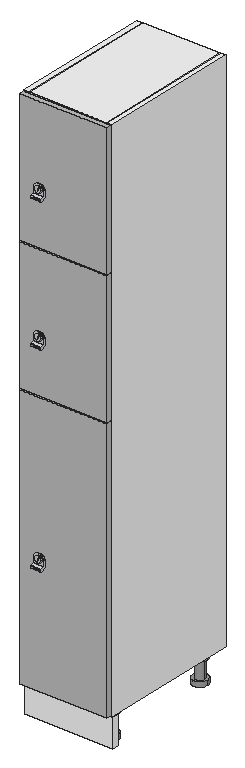
Revit family "1900H Locker 3 Door Combi", category Casework, Revit 2016
Family settings
  OmniClass Number = 23.40.35.00
  OmniClass Title = Casework
  Work Plane-Based = No
  Always vertical = Yes
  Cut with Voids When Loaded = No
  Shared = No
  Room Calculation Point = No
Parameters (values of type "LW319C3ABNP")
  WarrantyGuarantorParts = "www.bisley.com"  # constant formula
  WarrantyGuarantorLabour = "www.bisley.com"  # constant formula
  WarrantyDurationUnit = "Years"  # constant formula
  WarrantyDurationParts = "5"  # constant formula
  WarrantyDurationLabour = "5"  # constant formula
  WarrantyDescription = "5 Years Parts & Labour"  # constant formula
  Uniclass2015Version = "3.1"  # constant formula
  Uniclass2015Title = "Lockers"  # constant formula
  Uniclass2015Code = "Pr_40_30_78_48"  # constant formula
  URL = "www.bisley.com"
  SustainabilityPerformance = "FSC Approved"  # constant formula
  SerialNumber = ""
  NominalWidth = Width  # 300 mm
  NominalLength = Depth  # 500 mm
  NominalHeight = Height  # 1900 mm
  Name = "1900H Combi Door"  # constant formula
  NBSReference = "45-35-80/380"  # constant formula
  NBSDescription = "General fittings, furnishings and equipment system"  # constant formula
  ModelReference = "LW319C3ABNP"
  Model = "Lockerwall"  # constant formula
  Material = "MFC"  # constant formula
  ManufacturerURL = "www.bisley.com"  # constant formula
  Manufacturer = "Bisley"  # constant formula
  ManufactureName = "Bisley"  # constant formula
  M3 Lock = no
  Foot [instance] = Foot 100 : Foot 100
  Finish = "Matt"  # constant formula
  E4 Lock = no
  DurationUnit = "Years"  # constant formula
  Depth = 500 mm
  Height = 1900 mm
  Width = 300 mm
  Carcass Material = "MFC"  # constant formula
  Author = "Bisley"  # constant formula
  AssetType = "Fixed"  # constant formula
  AB Lock = yes
Types (10, lengths in mm): name | NominalWidth | ModelReference | M3 Lock | E4 Lock | Width | AB Lock
  (no name) | 300 | "LW319C3ABNP" | no | no | 300 | yes
  LW319C3ABNP | 300 | "LW319C3ABNP" | no | no | 300 | yes
  LW319C3E4NP | 300 | "LW319C3E4NP" | no | yes | 300 | no
  LW319C3M3NP | 300 | "LW319C3M3NP" | yes | no | 300 | no
  LW419C3ABNP | 400 | "LW419C3ABNP" | no | no | 400 | yes
  LW419C3E4NP | 400 | "LW419C3E4NP" | no | yes | 400 | no
  LW419C3M3NP | 400 | "LW419C3M3NP" | yes | no | 400 | no
  LW519C3ABNP | 500 | "LW519C3ABNP" | no | no | 500 | yes
  LW519C3E4NP | 500 | "LW519C3E4NP" | no | yes | 500 | no
  LW519C3M3NP | 500 | "LW519C3M3NP" | yes | no | 500 | no
Reference planes
  plane 1 "Back": y = 0
  plane 2: z = 0
  plane 3 "Center (Left/Right)": x = 44.7
  plane 4 "Front": y = -500
  plane 5 "Left": x = -105.3
  plane 6 "Right": x = 194.7
  plane 7 "Top": z = 1900
  plane 8 "Base": z = 98
  plane 9 "Base Left": x = -87.3
  plane 10 "Base Right": x = 176.7
  plane 11: y = -482
  plane 12: y = -10.5
  plane 13: y = -29.5
  plane 14 "Back Base": z = 110.5
  plane 15: z = 1887.5
  plane 16: z = 95
  plane 17 "Plinth": y = -477
  plane 18: y = -459
  plane 19: z = 101
  plane 20: z = 997
  plane 21: z = 997
  plane 22: z = 1001
  plane 23: z = 1447
  plane 24: x = -103.3
  plane 25: x = 192.7
  plane 26 "Shelf 2": z = 990
  plane 27 "Shelf 3": z = 1440
  plane 28: z = 1451
  plane 29: z = 1897
Forms (mm)
  Extrusion 1, solid, not visible
    sketch origin (-1691.73, 346.204, -12) x (1, 0, 0) y (0, 0, 1)
      loop
        line (48, 12) -> (56, 12) -> (56, 20) -> (48, 20) -> (48, 12)
    from 0 to 26
  Extrusion 2, solid, not visible
    sketch origin (-1683.73, 346.204, -12) x (-1, 0, 0) y (0, 0, -1)
      loop
        line (48, -12) -> (48, -20) -> (56, -20) -> (56, -12) -> (48, -12)
    from 0 to 26
  Extrusion 3, solid, not visible
    sketch origin (-1687.73, 350.204, -3.997) x (0, 1, 0) y (0, 0, 1)
      loop
        line (-26, 3.997) -> (-26, 11.997) -> (-34, 11.997) -> (-34, 3.997) -> (-26, 3.997)
    from -52 to 52
  Extrusion 4, solid, material "MFC 1"
    sketch origin (0, 0, 0) x (1, 0, 0) y (0, 1, 0)
      loop
        line (-105.3, -482) -> (-87.3, -482) -> (-87.3, 0) -> (-105.3, 0) -> (-105.3, -482)
    from 98 to 1900
  Extrusion 5, solid, material "MFC 1"
    sketch origin (0, 0, 98) x (-1, 0, 0) y (0, -1, 0)
      loop
        line (-176.7, 482) -> (-194.7, 482) -> (-194.7, 0) -> (-176.7, 0) -> (-176.7, 482)
    from 0 to 1802
  Extrusion 6, solid, material "MFC 1"
    sketch origin (0, 0, 98) x (-1, 0, 0) y (0, -1, 0)
      loop
        line (87.3, 482) -> (-176.7, 482) -> (-176.7, 0) -> (87.3, 0) -> (87.3, 482)
    from 0 to 18
  Extrusion 7, void
    sketch origin (176.7, 0, 0) x (0, 1, 0) y (0, 0, 1)
      loop
        line (-29.5, 110.5) -> (-10.5, 110.5) -> (-10.5, 116) -> (-29.5, 116) -> (-29.5, 110.5)
    from 0 to -264
  Extrusion 8, solid, material "MFC 1"
    sketch origin (0, 0, 1540) x (0, -1, 0) y (1, 0, 0)
      loop
        line (482, -87.3) -> (482, 176.7) -> (0, 176.7) -> (0, -87.3) -> (482, -87.3)
    from 360 to 342
  Extrusion 9, void
    sketch origin (176.7, 0, 0) x (0, 1, 0) y (0, 0, 1)
      loop
        line (-29.5, 1884.5) -> (-10.5, 1884.5) -> (-10.5, 1887.5) -> (-29.5, 1887.5) -> (-29.5, 1884.5)
    from 0 to -264
  Extrusion 10, solid, material "MFC 1"
    sketch origin (0, 0, 110.5) x (0, -1, 0) y (1, 0, 0)
      loop
        line (29.5, -87.3) -> (29.5, 176.7) -> (10.5, 176.7) -> (10.5, -87.3) -> (29.5, -87.3)
    from 0 to 1777
  Extrusion 11, solid, material "MFC 1"
    sketch origin (0, 0, 0) x (1, 0, 0) y (0, 1, 0)
      loop
        line (-105.3, -477) -> (194.7, -477) -> (194.7, -459) -> (-105.3, -459) -> (-105.3, -477)
    from 0 to 95
  Extrusion 12, solid, material "MFC 2"
    sketch origin (0, -500, 180) x (1, 0, 0) y (0, 0, 1)
      loop
        line (-103.3, 821) -> (192.7, 821) -> (192.7, 1267) -> (-103.3, 1267) -> (-103.3, 821)
    from 0 to -18
  Extrusion 13, solid, material "MFC 2"
    sketch origin (0, -500, 0) x (1, 0, 0) y (0, 0, 1)
      loop
        line (-103.3, 101) -> (192.7, 101) -> (192.7, 997) -> (-103.3, 997) -> (-103.3, 101)
    from 0 to -18
  Extrusion 14, solid, material "MFC 1"
    sketch origin (0, 0, 990) x (-1, 0, 0) y (0, -1, 0)
      loop
        line (87.3, 482) -> (-176.7, 482) -> (-176.7, 29.5) -> (87.3, 29.5) -> (87.3, 482)
    from 0 to 18
  Extrusion 15, solid, material "MFC 1"
    sketch origin (0, 0, 1440) x (-1, 0, 0) y (0, -1, 0)
      loop
        line (87.3, 482) -> (-176.7, 482) -> (-176.7, 29.5) -> (87.3, 29.5) -> (87.3, 482)
    from 0 to 18
  Extrusion 16, solid, material "MFC 2"
    sketch origin (0, -500, 270) x (1, 0, 0) y (0, 0, 1)
      loop
        line (-103.3, 1181) -> (192.7, 1181) -> (192.7, 1627) -> (-103.3, 1627) -> (-103.3, 1181)
    from 0 to -18
Cuts and joins
  Extrusion 7, Extrusion 9 cuts Extrusion 5
  Extrusion 7 cuts Extrusion 6
  Extrusion 9 cuts Extrusion 4
  Extrusion 9 cuts Extrusion 8
Dimensions and locks
  "Width": plane 6 "Right" to plane 5 "Left"
  equal spacing: plane 6 "Right", plane 3 "Center (Left/Right)", plane 5 "Left"
  "Depth": plane 4 "Front" to plane 1 "Back"
  "Height": level to plane 7 "Top"
  locked: plane 5 "Left" to plane 9 "Base Left" at 18
  locked: plane 10 "Base Right" to plane 6 "Right" at 18
  locked: plane 7 "Top" to plane 15 at 12.5
  Extrusion 10 to plane 1 "Back" = 10.5 mm
  locked: nested 1 to plane 6 "Right" at 68
  locked: nested 2 to plane 6 "Right" at 68
  locked: plane 11 to plane 4 "Front" at 18
  locked: plane 17 "Plinth" to plane 4 "Front" at 23
  locked: plane 18 to plane 4 "Front" at 41
  locked: nested 1 to plane 4 "Front" at 91
  locked: plane 6 "Right" to plane 25 at 2
  locked: plane 24 to plane 5 "Left" at 2
  locked: plane 5 "Left" to nested 4 at 51
  locked: plane 5 "Left" to nested 3 at 51
  locked: plane 5 "Left" to nested 6 at 40.5
  locked: plane 5 "Left" to nested 5 at 40.5
  locked: plane 5 "Left" to nested 8 at 54.3
  locked: plane 5 "Left" to nested 7 at 54.3
  locked: plane 5 "Left" to nested 11 at 40.5
  locked: plane 5 "Left" to nested 9 at 51
  locked: plane 5 "Left" to nested 10 at 54.3
  locked: plane 5 "Left" to nested 13 at 68
  locked: plane 5 "Left" to nested 12 at 25.5
  aligned and locked: level to plane 2
  aligned and locked: Extrusion 4 sketch curve to plane 11
  aligned and locked: Extrusion 4 sketch curve to plane 5 "Left"
  aligned and locked: Extrusion 4 sketch curve to plane 1 "Back"
  aligned and locked: plane 9 "Base Left" to Extrusion 4 sketch curve
  aligned and locked: Extrusion 4 to plane 8 "Base"
  aligned and locked: Extrusion 4 to plane 7 "Top"
  aligned and locked: Extrusion 5 sketch curve to plane 11
  aligned and locked: Extrusion 5 sketch curve to plane 10 "Base Right"
  aligned and locked: Extrusion 5 sketch curve to plane 1 "Back"
  aligned and locked: plane 6 "Right" to Extrusion 5 sketch curve
  aligned and locked: Extrusion 5 to plane 7 "Top"
  aligned and locked: Extrusion 5 to plane 8 "Base"
  aligned and locked: Extrusion 4 to Extrusion 6 sketch curve
  aligned and locked: Extrusion 6 sketch curve to Extrusion 4
  aligned and locked: Extrusion 5 to Extrusion 6 sketch curve
  aligned and locked: Extrusion 6 sketch curve to Extrusion 5
  aligned and locked: plane 6 "Right" to Extrusion 5
  aligned and locked: Extrusion 7 to plane 9 "Base Left"
  aligned and locked: plane 10 "Base Right" to Extrusion 7
  aligned and locked: Extrusion 8 sketch curve to cut or joined group of Extrusion 6, Extrusion 7  (x2)
  aligned and locked: Extrusion 8 sketch curve to Extrusion 4
  aligned and locked: Extrusion 8 sketch curve to cut or joined group of Extrusion 5, Extrusion 7, Extrusion 9
  aligned and locked: plane 15 to Extrusion 9 sketch curve
  aligned and locked: Extrusion 10 sketch curve to cut or joined group of Extrusion 6, Extrusion 7  (x2)
  aligned and locked: cut or joined group of Extrusion 6, Extrusion 7 to Extrusion 10 sketch curve  (x2)
  aligned and locked: Extrusion 10 to plane 14 "Back Base"
  aligned and locked: plane 15 to Extrusion 10
  aligned and locked: Extrusion 9 to plane 9 "Base Left"
  aligned and locked: Extrusion 11 sketch curve to plane 17 "Plinth"
  aligned and locked: Extrusion 11 sketch curve to plane 5 "Left"
  aligned and locked: plane 18 to Extrusion 11 sketch curve
  aligned and locked: plane 6 "Right" to Extrusion 11 sketch curve
  aligned and locked: Extrusion 11 to plane 5 "Left"
  aligned and locked: plane 6 "Right" to Extrusion 11
  aligned and locked: Extrusion 5 to plane 11
  aligned and locked: Extrusion 4 to plane 11
  aligned and locked: Extrusion 12 to plane 24
  aligned and locked: plane 25 to Extrusion 12
  aligned and locked: Extrusion 12 to plane 22
  aligned and locked: plane 23 to Extrusion 12
  aligned and locked: Extrusion 13 sketch curve to plane 19
  aligned and locked: Extrusion 13 sketch curve to plane 24
  aligned and locked: plane 20 to Extrusion 13 sketch curve
  aligned and locked: plane 25 to Extrusion 13 sketch curve
  aligned and locked: Extrusion 14 sketch curve to cut or joined group of Extrusion 6, Extrusion 7  (x2)
  aligned and locked: cut or joined group of Extrusion 6, Extrusion 7 to Extrusion 14 sketch curve
  aligned and locked: nested 2 to Extrusion 14 sketch curve
  aligned and locked: Extrusion 8 to plane 7 "Top"
  aligned and locked: Extrusion 15 sketch curve to cut or joined group of Extrusion 6, Extrusion 7  (x2)
  aligned and locked: cut or joined group of Extrusion 6, Extrusion 7 to Extrusion 15 sketch curve
  aligned and locked: nested 2 to Extrusion 15 sketch curve
  aligned and locked: Extrusion 16 sketch curve to plane 28
  aligned and locked: Extrusion 16 sketch curve to plane 24
  aligned and locked: plane 29 to Extrusion 16 sketch curve
  aligned and locked: plane 25 to Extrusion 16 sketch curve
  aligned and locked: cut or joined group of Extrusion 5, Extrusion 7, Extrusion 9 to Extrusion 8
  aligned and locked: Extrusion 14 to plane 26 "Shelf 2"
Automatic sketch dimensions
  Extrusion 1 sketch curve to Extrusion 1 sketch curve = 8 mm  (x2)
  Extrusion 2 sketch curve to Extrusion 2 sketch curve = 8 mm  (x2)
  Extrusion 3 sketch curve to Extrusion 3 sketch curve = 8 mm  (x2)
  Extrusion 7 sketch curve to plane 13 = 0 mm
  Extrusion 7 sketch curve to plane 12 = 0 mm
  Extrusion 7 sketch curve to plane 14 "Back Base" = 0 mm
  Extrusion 7 sketch curve to Extrusion 7 sketch curve = 5.5 mm
  Extrusion 9 sketch curve to plane 13 = 0 mm
  Extrusion 9 sketch curve to plane 12 = 0 mm
  Extrusion 9 sketch curve to Extrusion 9 sketch curve = 3 mm
  plane 23 to Extrusion 12 sketch curve = 0 mm
  Extrusion 12 sketch curve to plane 24 = 0 mm
  plane 25 to Extrusion 12 sketch curve = 0 mm
  Extrusion 12 sketch curve to plane 22 = 0 mm
Nested families
  nested 1: "Foot 100" at (196.401, -409, 0) x (-1, 0, 0) z (0, 0, 1), type "Foot 100"
  nested 2: "Foot 100" at (196.401, -29.5, 0) x (-1, 0, 0) z (0, 0, 1), type "Foot 100"
  nested 3: "AB Lock" at (-82, -500, 478), visible <- "AB Lock", type "AB Lock"
  nested 4: "AB Lock" at (-82, -500, 1153), visible <- "AB Lock", type "AB Lock"
  nested 5: "M3 Lock" at (-93, -500, 481), visible <- "M3 Lock", type "M3 Lock"
  nested 6: "M3 Lock" at (-93, -500, 1156), visible <- "M3 Lock", type "M3 Lock"
  nested 7: "E4 Lock" at (-83, -500, 490), visible <- "E4 Lock", type "E4 Lock"
  nested 8: "E4 Lock" at (-83, -500, 1165), visible <- "E4 Lock", type "E4 Lock"
  nested 9: "AB Lock" at (-82, -500, 1603), visible <- "AB Lock", type "AB Lock"
  nested 10: "E4 Lock" at (-83, -500, 1615), visible <- "E4 Lock", type "E4 Lock"
  nested 11: "M3 Lock" at (-93, -500, 1606), visible <- "M3 Lock", type "M3 Lock"
  nested 12: "Foot 100" at (-17.599, -409, 0) x (-1, 0, 0) z (0, 0, 1), type "Foot 100"
  nested 13: "Foot 100" at (-17.599, -29.5, 0) x (-1, 0, 0) z (0, 0, 1), type "Foot 100"
Definition of nested family "Foot 100"
  Parameters (values of type "Foot 100")
    WarrantyGuarantorParts = "www.bisley.com"  # constant formula
    WarrantyGuarantorLabour = "www.bisley.com"  # constant formula
    WarrantyDurationUnit = "Years"  # constant formula
    WarrantyDurationParts = "5"  # constant formula
    WarrantyDurationLabour = "5"  # constant formula
    WarrantyDescription = "5 Years Parts & Labour"  # constant formula
    Uniclass2015Version = ""
    Uniclass2015Title = ""
    Uniclass2015Code = ""
    URL = "www.bisley.com"
    SustainabilityPerformance = "FSC Approved"  # constant formula
    SerialNumber = ""
    NominalWidth = Width  # 50 mm
    NominalLength = Depth  # 50 mm
    NominalHeight = Height  # 900 mm
    Name = ""
    NBSReference = ""
    NBSDescription = "General fittings, furnishings and equipment system"  # constant formula
    ModelReference = ""
    Model = "Abode"  # constant formula
    Material = "MFC"  # constant formula
    ManufacturerURL = "www.bisley.com"  # constant formula
    Manufacturer = "Bisley"  # constant formula
    ManufactureName = "Bisley"  # constant formula
    Finish = "Matt"  # constant formula
    ExpectedLife = "25"  # constant formula
    DurationUnit = "Years"  # constant formula
    Depth = 50 mm
    Height = 900 mm
    Width = 50 mm
    Carcass Material = "MFC"  # constant formula
    Author = "Bisley"  # constant formula
    AssetType = "Fixed"  # constant formula
  Reference planes
    plane 1 "Back": y = 0
    plane 2: z = 0
    plane 3 "Center (Left/Right)": x = 44.7
    plane 4 "Front": y = -50
    plane 5 "Left": x = 19.7
    plane 6 "Right": x = 69.7
    plane 7 "Top": z = 900
    plane 8: y = -25
    plane 9 "Foot top": z = 98
    plane 10: y = 0
    plane 11: y = -50
    plane 12: x = 19.7
    plane 13: x = 69.7
    plane 14: x = 24.7
    plane 15: y = -5
  Forms (mm)
    Extrusion 1, solid, not visible
      sketch origin (-1691.73, 346.204, -12) x (1, 0, 0) y (0, 0, 1)
        loop
          line (48, 12) -> (56, 12) -> (56, 20) -> (48, 20) -> (48, 12)
      from 0 to 26
    Extrusion 2, solid, not visible
      sketch origin (-1683.73, 346.204, -12) x (-1, 0, 0) y (0, 0, -1)
        loop
          line (48, -12) -> (48, -20) -> (56, -20) -> (56, -12) -> (48, -12)
      from 0 to 26
    Extrusion 3, solid, not visible
      sketch origin (-1687.73, 350.204, -3.997) x (0, 1, 0) y (0, 0, 1)
        loop
          line (-26, 3.997) -> (-26, 11.997) -> (-34, 11.997) -> (-34, 3.997) -> (-26, 3.997)
      from -52 to 52
    Extrusion 4, solid
      sketch origin (0, 275, 0) x (1, 0, 0) y (0, 1, 0)
        loop
          circle (44.7, -300) r 25
      from 0 to 15
    Extrusion 5, solid
      sketch origin (0, 275, 0) x (1, 0, 0) y (0, 1, 0)
        loop
          circle (44.7, -300) r 15
      from 15 to 78
    Extrusion 6, solid
      sketch origin (0, 275, 0) x (1, 0, 0) y (0, 1, 0)
        loop
          circle (44.7, -300) r 25
      from 78 to 98
    Extrusion 7, solid
      sketch origin (0, 275, 98) x (-1, 0, 0) y (0, -1, 0)
        loop
          line (-19.7, 325) -> (-69.7, 325) -> (-69.7, 275) -> (-19.7, 275) -> (-19.7, 325)
      from 0 to -10
    Extrusion 8, void
      sketch origin (0, 275, 98) x (-1, 0, 0) y (0, -1, 0)
        loop
          circle (-24.7, 280) r 2.5
      from 0 to -10
    Extrusion 9, void
      sketch origin (89.401, 275, 98) x (1, 0, 0) y (0, 1, 0)
        loop
          circle (-24.7, -280) r 2.5
      from 0 to -10
    Extrusion 10, void
      sketch origin (0, -325, 98) x (-1, 0, 0) y (0, -1, 0)
        loop
          circle (-24.7, -280) r 2.5
      from 0 to -10
    Extrusion 11, void
      sketch origin (89.401, -325, 98) x (1, 0, 0) y (0, 1, 0)
        loop
          circle (-24.7, 280) r 2.5
      from 0 to -10
  Cuts and joins
    Extrusion 8, Extrusion 9, Extrusion 10, Extrusion 11 cuts Extrusion 4
    Extrusion 8, Extrusion 9, Extrusion 10, Extrusion 11 cuts Extrusion 5
    Extrusion 8, Extrusion 9, Extrusion 10, Extrusion 11 cuts Extrusion 6
    Extrusion 8, Extrusion 9, Extrusion 10, Extrusion 11 cuts Extrusion 7
    joined: Extrusion 4, Extrusion 5, Extrusion 6, Extrusion 7
  Dimensions and locks
    "Width": plane 6 "Right" to plane 5 "Left"
    equal spacing: plane 6 "Right", plane 3 "Center (Left/Right)", plane 5 "Left"
    "Depth": plane 4 "Front" to plane 1 "Back"
    "Height": level to plane 7 "Top"
    aligned and locked: level to plane 2
    aligned and locked: Extrusion 5 to Extrusion 4
    aligned and locked: Extrusion 4 to level
    aligned and locked: Extrusion 6 to Extrusion 5
    aligned and locked: plane 9 "Foot top" to Extrusion 6
  Automatic sketch dimensions
    Extrusion 1 sketch curve to Extrusion 1 sketch curve = 8 mm  (x2)
    Extrusion 2 sketch curve to Extrusion 2 sketch curve = 8 mm  (x2)
    Extrusion 3 sketch curve to Extrusion 3 sketch curve = 8 mm  (x2)
    Extrusion 4 sketch curve to plane 3 "Center (Left/Right)" = 0 mm
    plane 8 to Extrusion 4 sketch curve = 0 mm
    Extrusion 5 sketch curve to plane 3 "Center (Left/Right)" = 0 mm
    plane 8 to Extrusion 5 sketch curve = 0 mm
    Extrusion 6 sketch curve to plane 3 "Center (Left/Right)" = 0 mm
    plane 8 to Extrusion 6 sketch curve = 0 mm
    Extrusion 7 sketch curve to plane 11 = 0 mm
    Extrusion 7 sketch curve to plane 13 = 0 mm
    plane 10 to Extrusion 7 sketch curve = 0 mm
    Extrusion 7 sketch curve to plane 12 = 0 mm
    Extrusion 8 sketch curve to plane 14 = 0 mm
    Extrusion 8 sketch curve to plane 15 = 0 mm
    plane 15 to Extrusion 9 sketch curve = 0 mm
    plane 13 to Extrusion 9 sketch curve = 5 mm
    Extrusion 10 sketch curve to plane 14 = 0 mm
    Extrusion 10 sketch curve to plane 11 = 5 mm
    Extrusion 11 sketch curve to plane 13 = 5 mm
    plane 11 to Extrusion 11 sketch curve = 5 mm
    radius of Extrusion 4 sketch curve = 25 mm
    radius of Extrusion 5 sketch curve = 15 mm
    radius of Extrusion 6 sketch curve = 25 mm
    radius of Extrusion 8 sketch curve = 2.5 mm
    radius of Extrusion 9 sketch curve = 2.5 mm
    radius of Extrusion 10 sketch curve = 2.5 mm
    radius of Extrusion 11 sketch curve = 2.5 mm
Definition of nested family "AB Lock"
  Parameters (values of type "AB Lock")
    WarrantyGuarantorParts = "www.bisley.com"  # constant formula
    WarrantyGuarantorLabour = "www.bisley.com"  # constant formula
    WarrantyDurationUnit = "Years"  # constant formula
    WarrantyDurationParts = "5"  # constant formula
    WarrantyDurationLabour = "5"  # constant formula
    WarrantyDescription = "5 Years Parts & Labour"  # constant formula
    Uniclass2015Version = ""
    Uniclass2015Title = ""
    Uniclass2015Code = ""
    URL = "www.bisley.com"
    SustainabilityPerformance = "FSC Approved"  # constant formula
    SerialNumber = ""
    NominalWidth = Width  # 34 mm
    NominalLength = Depth  # 15 mm
    NominalHeight = Height  # 45 mm
    Name = ""
    NBSReference = ""
    NBSDescription = "General fittings, furnishings and equipment system"  # constant formula
    ModelReference = ""
    Model = "Abode"  # constant formula
    Material = "MFC"  # constant formula
    ManufacturerURL = "www.bisley.com"  # constant formula
    Manufacturer = "Bisley"  # constant formula
    ManufactureName = "Bisley"  # constant formula
    Finish = "Matt"  # constant formula
    ExpectedLife = "25"  # constant formula
    DurationUnit = "Years"  # constant formula
    Depth = 15 mm
    Height = 45 mm
    Width = 34 mm
    Carcass Material = "MFC"  # constant formula
    Author = "Bisley"  # constant formula
    AssetType = "Fixed"  # constant formula
  Reference planes
    plane 1 "Back": y = 0
    plane 2: z = 0
    plane 3 "Center (Left/Right)": x = 44.7
    plane 4 "Front": y = -15
    plane 5 "Left": x = 27.7
    plane 6 "Right": x = 61.7
    plane 7 "Top": z = 45
    plane 8: z = 28
    plane 9: z = 3
    plane 10: x = 31.2
    plane 11: x = 58.2
    plane 12: z = 6
    plane 13: y = -12
    plane 14: z = 10
    plane 15 "Lockback": y = -3
    plane 16: x = 43.2
    plane 17: x = 46.2
    plane 18: z = 32
    plane 19: z = 24
  Forms (mm)
    Extrusion 1, solid, not visible
      sketch origin (-1691.73, 346.204, -12) x (1, 0, 0) y (0, 0, 1)
        loop
          line (48, 12) -> (56, 12) -> (56, 20) -> (48, 20) -> (48, 12)
      from 0 to 26
    Extrusion 2, solid, not visible
      sketch origin (-1683.73, 346.204, -12) x (-1, 0, 0) y (0, 0, -1)
        loop
          line (48, -12) -> (48, -20) -> (56, -20) -> (56, -12) -> (48, -12)
      from 0 to 26
    Extrusion 3, solid, not visible
      sketch origin (-1687.73, 350.204, -3.997) x (0, 1, 0) y (0, 0, 1)
        loop
          line (-26, 3.997) -> (-26, 11.997) -> (-34, 11.997) -> (-34, 3.997) -> (-26, 3.997)
      from -52 to 52
    Extrusion 4, solid
      sketch origin (0, 0, 0) x (1, 0, 0) y (0, 0, 1)
        loop
          line (27.7, 28) -> (27.7, 6) -> (61.7, 6) -> (61.7, 28)
          arc (61.7, 28) -> (44.7, 45) -> (27.7, 28) r 17
      from 0 to 3
    Extrusion 5, solid
      sketch origin (27.7, 0, 0) x (0, 1, 0) y (0, 0, 1)
        loop
          circle (-12, 3) r 3
      from 0 to 34
    Extrusion 6, solid
      sketch origin (27.7, 0, 0) x (0, 1, 0) y (0, 0, 1)
        loop
          line (0, 6) -> (-3, 10)
          arc (-3, 10) -> (-7.815, 8.71) -> (-12, 6) r 16
          arc (-12, 6) -> (-9.879, 5.121) -> (-9, 3) r 3
          arc (-9, 3) -> (-4.809, 5.427) -> (0, 6) r 12
      from 0 to 34
    Extrusion 7, void
      sketch origin (27.7, 0, 0) x (0, 1, 0) y (0, 0, 1)
        loop
          line (-3, 10) -> (-3, 6) -> (0, 6) -> (-3, 10)
      from 0 to 34
    Extrusion 8, solid
      sketch origin (0, -3, 0) x (-1, 0, 0) y (0, 0, 1)
        loop
          circle (-44.7, 28) r 10.5
      from 0 to -3
    Extrusion 9, void
      sketch origin (0, -3, 0) x (-1, 0, 0) y (0, 0, 1)
        loop
          line (-43.2, 24) -> (-43.2, 32) -> (-46.2, 32) -> (-46.2, 24) -> (-43.2, 24)
      from 0 to -3
  Cuts and joins
    Extrusion 7, Extrusion 9 cuts Extrusion 4
    Extrusion 9 cuts Extrusion 5
    Extrusion 9 cuts Extrusion 6
    joined: Extrusion 4, Extrusion 5, Extrusion 6
    Extrusion 9 cuts Extrusion 8
  Lines and regions (mm)
    reference lines
      curve 1: arc (27.7, 0, 6) -> (27.7, -4.809, 5.427) -> (27.7, -9, 3) r 12
      curve 2: arc (27.7, -3, 10) -> (27.7, -7.815, 8.71) -> (27.7, -12, 6) r 16
  Dimensions and locks
    "Width": plane 6 "Right" to plane 5 "Left"
    equal spacing: plane 6 "Right", plane 3 "Center (Left/Right)", plane 5 "Left"
    "Depth": plane 4 "Front" to plane 1 "Back"
    "Height": level to plane 7 "Top"
    aligned and locked: level to plane 2
  Automatic sketch dimensions
    Extrusion 1 sketch curve to Extrusion 1 sketch curve = 8 mm  (x2)
    Extrusion 2 sketch curve to Extrusion 2 sketch curve = 8 mm  (x2)
    Extrusion 3 sketch curve to Extrusion 3 sketch curve = 8 mm  (x2)
    Extrusion 4 sketch curve to plane 5 "Left" = 0 mm
    Extrusion 4 sketch curve to plane 6 "Right" = 0 mm
    Extrusion 4 sketch curve to plane 12 = 0 mm
    Extrusion 4 sketch curve to plane 8 = 0 mm
    Extrusion 5 sketch curve to plane 9 = 0 mm
    Extrusion 5 sketch curve to plane 13 = 0 mm
    curve 2 to plane 12 = 0 mm
    curve 2 to plane 13 = 0 mm
    curve 1 to plane 9 = 0 mm
    plane 14 to curve 2 = 0 mm
    curve 1 to plane 1 "Back" = 0 mm
    curve 1 to plane 12 = 0 mm
    plane 1 "Back" to curve 2 = 1.317 mm
    curve 2 to curve 1 = 0.303 mm
    curve 2 to level = 5.911 mm
    curve 1 to curve 2 = 0.046 mm
    Extrusion 6 sketch curve to plane 12 = 0 mm  (x2)
    Extrusion 6 sketch curve to plane 13 = 0 mm
    Extrusion 6 sketch curve to plane 9 = 0 mm
    plane 14 to Extrusion 6 sketch curve = 0 mm
    Extrusion 6 sketch curve to plane 1 "Back" = 0 mm
    plane 1 "Back" to Extrusion 6 sketch curve = 3 mm
    plane 1 "Back" to Extrusion 6 sketch curve = 1.317 mm
    Extrusion 6 sketch curve to Extrusion 6 sketch curve = 0.303 mm
    Extrusion 7 sketch curve to plane 12 = 0 mm
    plane 14 to Extrusion 7 sketch curve = 0 mm
    Extrusion 7 sketch curve to plane 1 "Back" = 0 mm
    plane 1 "Back" to Extrusion 7 sketch curve = 3 mm
    Extrusion 8 sketch curve to plane 3 "Center (Left/Right)" = 0 mm
    Extrusion 8 sketch curve to plane 8 = 0 mm
    Extrusion 9 sketch curve to plane 17 = 0 mm
    Extrusion 9 sketch curve to plane 16 = 0 mm
    Extrusion 9 sketch curve to plane 19 = 0 mm
    Extrusion 9 sketch curve to plane 18 = 0 mm
    radius of Extrusion 5 sketch curve = 3 mm
    radius of Extrusion 8 sketch curve = 10.5 mm
Definition of nested family "M3 Lock"
  Parameters (values of type "M3 Lock")
    WarrantyGuarantorParts = "www.bisley.com"  # constant formula
    WarrantyGuarantorLabour = "www.bisley.com"  # constant formula
    WarrantyDurationUnit = "Years"  # constant formula
    WarrantyDurationParts = "5"  # constant formula
    WarrantyDurationLabour = "5"  # constant formula
    WarrantyDescription = "5 Years Parts & Labour"  # constant formula
    Uniclass2015Version = ""
    Uniclass2015Title = ""
    Uniclass2015Code = ""
    URL = "www.bisley.com"
    SustainabilityPerformance = "FSC Approved"  # constant formula
    SerialNumber = ""
    NominalWidth = Width  # 33 mm
    NominalLength = Depth  # 21.5 mm
    NominalHeight = Height  # 83.5 mm
    Name = ""
    NBSReference = ""
    NBSDescription = "General fittings, furnishings and equipment system"  # constant formula
    ModelReference = ""
    Model = "Abode"  # constant formula
    Material = "MFC"  # constant formula
    ManufacturerURL = "www.bisley.com"  # constant formula
    Manufacturer = "Bisley"  # constant formula
    ManufactureName = "Bisley"  # constant formula
    Finish = "Matt"  # constant formula
    ExpectedLife = "25"  # constant formula
    DurationUnit = "Years"  # constant formula
    Depth = 21.5 mm
    Height = 83.5 mm
    Width = 33 mm
    Carcass Material = "MFC"  # constant formula
    Author = "Bisley"  # constant formula
    AssetType = "Fixed"  # constant formula
  Reference planes
    plane 1 "Back": y = 0
    plane 2: z = 0
    plane 3 "Center (Left/Right)": x = 44.7
    plane 4 "Front": y = -21.5
    plane 5 "Left": x = 28.2
    plane 6 "Right": x = 61.2
    plane 7 "Top": z = 83.5
    plane 8 "BackFront": y = -3.045
    plane 9: x = 32.2
    plane 10: z = 79.5
    plane 11: x = 57.2
    plane 12: z = 4
    plane 13: x = 32.2
    plane 14: x = 57.2
    plane 15 "Barrel Base": z = 30.5
    plane 16: x = 40.5
    plane 17: x = 48.9
    plane 18: y = -4.445
    plane 19: z = 74.5
    plane 20 "L4": z = 69.8
    plane 21: z = 64.9
    plane 22 "L3": z = 60.2
    plane 23: z = 55.3
    plane 24 "L2": z = 50.6
    plane 25: z = 45.7
    plane 26 "L1": z = 41
    plane 27: x = 38.2
    plane 28: x = 51.2
    plane 29: y = -4.945
    plane 30: z = 40.5
    plane 31 "l-1": z = 38.5
    plane 32: z = 16
    plane 33: y = -9.045
    plane 34 "Thumbturn": y = -19.5
    plane 35: x = 43.2
    plane 36: x = 46.2
    plane 37: z = 20
    plane 38: z = 12
  Forms (mm)
    Extrusion 1, solid, not visible
      sketch origin (-1691.73, 346.204, -12) x (1, 0, 0) y (0, 0, 1)
        loop
          line (48, 12) -> (56, 12) -> (56, 20) -> (48, 20) -> (48, 12)
      from 0 to 26
    Extrusion 2, solid, not visible
      sketch origin (-1683.73, 346.204, -12) x (-1, 0, 0) y (0, 0, -1)
        loop
          line (48, -12) -> (48, -20) -> (56, -20) -> (56, -12) -> (48, -12)
      from 0 to 26
    Extrusion 3, solid, not visible
      sketch origin (-1687.73, 350.204, -3.997) x (0, 1, 0) y (0, 0, 1)
        loop
          line (-26, 3.997) -> (-26, 11.997) -> (-34, 11.997) -> (-34, 3.997) -> (-26, 3.997)
      from -52 to 52
    Extrusion 4, solid
      sketch origin (0, 0, 0) x (1, 0, 0) y (0, 0, 1)
        loop
          line (28.2, 0) -> (61.2, 0) -> (61.2, 83.5) -> (28.2, 83.5) -> (28.2, 0)
      from 0 to 3
    Extrusion 5, void
      sketch origin (0, 0, 0) x (1, 0, 0) y (0, 0, 1)
        loop
          arc (28.2, 79.5) -> (29.372, 82.328) -> (32.2, 83.5) r 4
          line (32.2, 83.5) -> (28.2, 83.5) -> (28.2, 79.5)
      from 0 to 3
    Extrusion 6, void
      sketch origin (0, 0, 0) x (1, 0, 0) y (0, 0, 1)
        loop
          arc (57.2, 83.5) -> (60.029, 82.328) -> (61.2, 79.5) r 4
          line (61.2, 79.5) -> (61.2, 83.5) -> (57.2, 83.5)
      from 0 to 3
    Extrusion 7, void
      sketch origin (0, 0, 0) x (1, 0, 0) y (0, 0, 1)
        loop
          arc (32.2, 0) -> (29.372, 1.172) -> (28.2, 4) r 4
          line (28.2, 4) -> (28.2, 0) -> (32.2, 0)
      from 0 to 3
    Extrusion 8, void
      sketch origin (0, 0, 0) x (1, 0, 0) y (0, 0, 1)
        loop
          line (57.2, 0) -> (61.2, 0) -> (61.2, 4)
          arc (61.2, 4) -> (60.029, 1.172) -> (57.2, 0) r 4
      from 0 to 3
    Extrusion 9, solid
      sketch origin (0, 0, 30.5) x (-1, 0, 0) y (0, -1, 0)
        loop
          arc (-40.5, 3) -> (-44.7, 4.445) -> (-48.9, 3) r 6.827
          line (-48.9, 3) -> (-40.5, 3)
      from 0 to 49
    Extrusion 10, solid
      sketch origin (0, 0, 41) x (-1, 0, 0) y (0, -1, 0)
        loop
          arc (-38.2, 3) -> (-44.7, 4.945) -> (-51.2, 3) r 11.835
          line (-51.2, 3) -> (-38.2, 3)
      from 0 to 4.7
    Extrusion 11, solid
      sketch origin (0, 0, 50.6) x (-1, 0, 0) y (0, -1, 0)
        loop
          arc (-38.2, 3) -> (-44.7, 4.945) -> (-51.2, 3) r 11.835
          line (-51.2, 3) -> (-38.2, 3)
      from 0 to 4.7
    Extrusion 12, solid
      sketch origin (0, 0, 60.2) x (-1, 0, 0) y (0, -1, 0)
        loop
          arc (-38.2, 3) -> (-44.7, 4.945) -> (-51.2, 3) r 11.835
          line (-51.2, 3) -> (-38.2, 3)
      from 0 to 4.7
    Extrusion 13, solid
      sketch origin (0, 0, 69.8) x (-1, 0, 0) y (0, -1, 0)
        loop
          arc (-38.2, 3) -> (-44.7, 4.945) -> (-51.2, 3) r 11.835
          line (-51.2, 3) -> (-38.2, 3)
      from 0 to 4.7
    Extrusion 14, solid
      sketch origin (0, 0, 38.5) x (-1, 0, 0) y (0, -1, 0)
        loop
          arc (-38.2, 3) -> (-44.7, 4.945) -> (-51.2, 3) r 11.835
          line (-51.2, 3) -> (-38.2, 3)
      from 0 to 2
    Extrusion 15, solid
      sketch origin (0, -3.045, 0) x (-1, 0, 0) y (0, 0, 1)
        loop
          circle (-44.7, 16) r 14.25
      from 0 to -4
    Extrusion 16, solid
      sketch origin (0, -3.045, 0) x (-1, 0, 0) y (0, 0, 1)
        loop
          circle (-44.7, 16) r 12.7
      from 0 to -18.455
    Extrusion 17, void
      sketch origin (0, -21.5, 0) x (1, 0, 0) y (0, 0, 1)
        loop
          circle (44.7, 16) r 7.362
      from 0 to -1
    Extrusion 18, solid
      sketch origin (0, -21.5, 0) x (1, 0, 0) y (0, 0, 1)
        loop
          line (40.5, 29.617) -> (40.5, 27.985)
          arc (40.5, 27.985) -> (44.7, 28.7) -> (48.9, 27.985) r 12.7
          line (48.9, 27.985) -> (48.9, 29.617)
          arc (48.9, 29.617) -> (44.7, 30.25) -> (40.5, 29.617) r 14.25
      from 0 to -14.5
    Extrusion 19, solid
      sketch origin (0, -20.483, 0) x (1, 0, 0) y (0, 0, 1)
        loop
          circle (44.7, 16) r 13.48
      from 0 to -1.5
    Extrusion 20, void
      sketch origin (0, -21.5, 0) x (1, 0, 0) y (0, 0, 1)
        loop
          line (43.2, 12) -> (46.2, 12) -> (46.2, 20) -> (43.2, 20) -> (43.2, 12)
      from 0 to -10.5
  Cuts and joins
    Extrusion 5, Extrusion 6, Extrusion 7, Extrusion 8, Extrusion 17, Extrusion 20 cuts Extrusion 4
    Extrusion 17, Extrusion 20 cuts Extrusion 9
    Extrusion 17, Extrusion 20 cuts Extrusion 10
    Extrusion 17, Extrusion 20 cuts Extrusion 11
    Extrusion 17, Extrusion 20 cuts Extrusion 12
    Extrusion 17, Extrusion 20 cuts Extrusion 13
    Extrusion 17, Extrusion 20 cuts Extrusion 14
    Extrusion 17, Extrusion 20 cuts Extrusion 15
    Extrusion 17, Extrusion 20 cuts Extrusion 16
    Extrusion 20 cuts Extrusion 18
    Extrusion 20 cuts Extrusion 19
    joined: Extrusion 4, Extrusion 9, Extrusion 10, Extrusion 11, Extrusion 12, Extrusion 13, Extrusion 14, Extrusion 15, Extrusion 16, Extrusion 18, Extrusion 19
  Dimensions and locks
    "Width": plane 6 "Right" to plane 5 "Left"
    equal spacing: plane 6 "Right", plane 3 "Center (Left/Right)", plane 5 "Left"
    "Depth": plane 4 "Front" to plane 1 "Back"
    "Height": level to plane 7 "Top"
    aligned and locked: level to plane 2
    aligned and locked: plane 10 to Extrusion 9
    aligned and locked: Extrusion 9 to plane 15 "Barrel Base"
    aligned and locked: Extrusion 4 to plane 7 "Top"
    aligned and locked: plane 6 "Right" to Extrusion 4
    aligned and locked: Extrusion 4 to plane 5 "Left"
    aligned and locked: Extrusion 4 to level
  Automatic sketch dimensions
    Extrusion 1 sketch curve to Extrusion 1 sketch curve = 8 mm  (x2)
    Extrusion 2 sketch curve to Extrusion 2 sketch curve = 8 mm  (x2)
    Extrusion 3 sketch curve to Extrusion 3 sketch curve = 8 mm  (x2)
    Extrusion 4 sketch curve to plane 5 "Left" = 0 mm
    Extrusion 4 sketch curve to plane 6 "Right" = 0 mm
    Extrusion 4 sketch curve to level = 0 mm
    Extrusion 4 sketch curve to plane 7 "Top" = 0 mm
    Extrusion 5 sketch curve to plane 7 "Top" = 0 mm
    Extrusion 5 sketch curve to plane 9 = 0 mm
    Extrusion 5 sketch curve to plane 10 = 0 mm
    Extrusion 6 sketch curve to plane 7 "Top" = 0 mm  (x2)
    Extrusion 6 sketch curve to plane 11 = 0 mm
    Extrusion 6 sketch curve to plane 6 "Right" = 0 mm
    Extrusion 6 sketch curve to plane 10 = 0 mm
    Extrusion 7 sketch curve to level = 0 mm
    Extrusion 7 sketch curve to plane 5 "Left" = 0 mm
    plane 9 to Extrusion 7 sketch curve = 0 mm  (x2)
    Extrusion 7 sketch curve to plane 12 = 0 mm
    Extrusion 8 sketch curve to level = 0 mm
    plane 11 to Extrusion 8 sketch curve = 0 mm
    Extrusion 8 sketch curve to plane 12 = 0 mm
    Extrusion 9 sketch curve to plane 17 = 0 mm
    Extrusion 9 sketch curve to plane 16 = 0 mm
    Extrusion 9 sketch curve to plane 1 "Back" = 2.382 mm
    plane 8 "BackFront" to Extrusion 9 sketch curve = 0.045 mm
    Extrusion 10 sketch curve to plane 28 = 0 mm
    Extrusion 10 sketch curve to plane 27 = 0 mm
    Extrusion 10 sketch curve to plane 1 "Back" = 6.89 mm
    plane 8 "BackFront" to Extrusion 10 sketch curve = 0.045 mm
    Extrusion 11 sketch curve to plane 28 = 0 mm
    Extrusion 11 sketch curve to plane 27 = 0 mm
    Extrusion 11 sketch curve to plane 1 "Back" = 6.89 mm
    plane 8 "BackFront" to Extrusion 11 sketch curve = 0.045 mm
    Extrusion 12 sketch curve to plane 28 = 0 mm
    Extrusion 12 sketch curve to plane 27 = 0 mm
    Extrusion 12 sketch curve to plane 1 "Back" = 6.89 mm
    plane 8 "BackFront" to Extrusion 12 sketch curve = 0.045 mm
    Extrusion 13 sketch curve to plane 28 = 0 mm
    Extrusion 13 sketch curve to plane 27 = 0 mm
    Extrusion 13 sketch curve to plane 1 "Back" = 6.89 mm
    plane 8 "BackFront" to Extrusion 13 sketch curve = 0.045 mm
    Extrusion 14 sketch curve to plane 28 = 0 mm
    Extrusion 14 sketch curve to plane 27 = 0 mm
    Extrusion 14 sketch curve to plane 1 "Back" = 6.89 mm
    plane 8 "BackFront" to Extrusion 14 sketch curve = 0.045 mm
    Extrusion 15 sketch curve to plane 3 "Center (Left/Right)" = 0 mm
    Extrusion 15 sketch curve to plane 32 = 0 mm
    Extrusion 16 sketch curve to plane 3 "Center (Left/Right)" = 0 mm
    Extrusion 16 sketch curve to plane 32 = 0 mm
    Extrusion 17 sketch curve to plane 3 "Center (Left/Right)" = 0 mm
    Extrusion 17 sketch curve to plane 32 = 0 mm
    Extrusion 18 sketch curve to Extrusion 18 sketch curve = 0 mm  (x2)
    Extrusion 18 sketch curve to plane 16 = 0 mm
    Extrusion 18 sketch curve to plane 3 "Center (Left/Right)" = 0 mm
    Extrusion 18 sketch curve to plane 17 = 0 mm
    Extrusion 18 sketch curve to plane 32 = 0 mm
    Extrusion 18 sketch curve to plane 15 "Barrel Base" = 2.515 mm
    Extrusion 18 sketch curve to plane 15 "Barrel Base" = 0.883 mm
    Extrusion 19 sketch curve to plane 3 "Center (Left/Right)" = 0 mm
    Extrusion 19 sketch curve to plane 32 = 0 mm
    Extrusion 20 sketch curve to plane 35 = 0 mm
    Extrusion 20 sketch curve to plane 36 = 0 mm
    Extrusion 20 sketch curve to plane 38 = 0 mm
    Extrusion 20 sketch curve to plane 37 = 0 mm
    radius of Extrusion 15 sketch curve = 14.25 mm
    radius of Extrusion 16 sketch curve = 12.7 mm
    radius of Extrusion 17 sketch curve = 7.362 mm
    radius of Extrusion 19 sketch curve = 13.48 mm
Definition of nested family "E4 Lock"
  Parameters (values of type "E4 Lock")
    WarrantyGuarantorParts = "www.bisley.com"  # constant formula
    WarrantyGuarantorLabour = "www.bisley.com"  # constant formula
    WarrantyDurationUnit = "Years"  # constant formula
    WarrantyDurationParts = "5"  # constant formula
    WarrantyDurationLabour = "5"  # constant formula
    WarrantyDescription = "5 Years Parts & Labour"  # constant formula
    Uniclass2015Version = ""
    Uniclass2015Title = ""
    Uniclass2015Code = ""
    URL = "www.bisley.com"
    SustainabilityPerformance = "FSC Approved"  # constant formula
    SerialNumber = ""
    NominalWidth = Width  # 25.4 mm
    NominalLength = Depth  # 20.4 mm
    NominalHeight = Height  # 101 mm
    Name = ""
    NBSReference = ""
    NBSDescription = "General fittings, furnishings and equipment system"  # constant formula
    ModelReference = ""
    Model = "Abode"  # constant formula
    Material = "MFC"  # constant formula
    ManufacturerURL = "www.bisley.com"  # constant formula
    Manufacturer = "Bisley"  # constant formula
    ManufactureName = "Bisley"  # constant formula
    Finish = "Matt"  # constant formula
    ExpectedLife = "25"  # constant formula
    DurationUnit = "Years"  # constant formula
    Depth = 20.4 mm
    Height = 101 mm
    Width = 25.4 mm
    Carcass Material = "MFC"  # constant formula
    Author = "Bisley"  # constant formula
    AssetType = "Fixed"  # constant formula
  Reference planes
    plane 1 "Back": y = 0
    plane 2: z = 0
    plane 3 "Center (Left/Right)": x = 44.7
    plane 4 "Front": y = -20.4
    plane 5 "Left": x = 32
    plane 6 "Right": x = 57.4
    plane 7 "Top": z = 101
    plane 8 "Back Front": y = -13.4
    plane 9: x = 35
    plane 10: x = 54.4
    plane 11: x = 35
    plane 12: x = 54.4
    plane 13: z = 3
    plane 14: z = 98
    plane 15 "Numbers": y = -14.4
    plane 16: z = 94
    plane 17: z = 87
    plane 18: z = 84.5
    plane 19: z = 77.5
    plane 20: z = 75
    plane 21: z = 68
    plane 22: z = 65.5
    plane 23: z = 58.5
    plane 24: z = 56
    plane 25: z = 49
    plane 26: z = 46.5
    plane 27: z = 39.5
    plane 28: z = 37
    plane 29: z = 32
    plane 30: z = 5.5
    plane 31: z = 25
    plane 32: z = 23
    plane 33: x = 36
    plane 34: x = 53.4
    plane 35: x = 44.5
    plane 36: x = 44.9
    plane 37: x = 37.98
    plane 38: x = 51.4
    plane 39: z = 35.539
    plane 40: z = 33.5
    plane 41: z = 28.5
    plane 42: x = 41.287
    plane 43: x = 48.1
    plane 44: x = 39.98
    plane 45: x = 49.4
    plane 46: z = 21
    plane 47: z = 7.5
    plane 48: z = 14.25
  Forms (mm)
    Extrusion 1, solid, not visible
      sketch origin (-1691.73, 346.204, -12) x (1, 0, 0) y (0, 0, 1)
        loop
          line (48, 12) -> (56, 12) -> (56, 20) -> (48, 20) -> (48, 12)
      from 0 to 26
    Extrusion 2, solid, not visible
      sketch origin (-1683.73, 346.204, -12) x (-1, 0, 0) y (0, 0, -1)
        loop
          line (48, -12) -> (48, -20) -> (56, -20) -> (56, -12) -> (48, -12)
      from 0 to 26
    Extrusion 3, solid, not visible
      sketch origin (-1687.73, 350.204, -3.997) x (0, 1, 0) y (0, 0, 1)
        loop
          line (-26, 3.997) -> (-26, 11.997) -> (-34, 11.997) -> (-34, 3.997) -> (-26, 3.997)
      from -52 to 52
    Extrusion 4, solid
      sketch origin (0, 0, 0) x (1, 0, 0) y (0, 0, 1)
        loop
          line (32, 0) -> (57.4, 0) -> (57.4, 101) -> (32, 101) -> (32, 0)
      from 0 to 13.4
    Extrusion 5, void
      sketch origin (0, 0, 0) x (1, 0, 0) y (0, 0, 1)
        loop
          arc (32, 98) -> (32.879, 100.121) -> (35, 101) r 3
          line (35, 101) -> (32, 101) -> (32, 98)
      from 0 to 13.4
    Extrusion 6, void
      sketch origin (0, 0, 0) x (1, 0, 0) y (0, 0, 1)
        loop
          line (57.4, 98) -> (57.4, 101) -> (54.4, 101)
          arc (54.4, 101) -> (56.522, 100.121) -> (57.4, 98) r 3
      from 0 to 13.4
    Extrusion 7, void
      sketch origin (0, 0, 0) x (1, 0, 0) y (0, 0, 1)
        loop
          line (32, 3) -> (32, 0) -> (35, 0)
          arc (35, 0) -> (32.879, 0.879) -> (32, 3) r 3
      from 0 to 13.4
    Extrusion 8, void
      sketch origin (0, 0, 0) x (1, 0, 0) y (0, 0, 1)
        loop
          line (54.4, 0) -> (57.4, 0) -> (57.4, 3)
          arc (57.4, 3) -> (56.522, 0.879) -> (54.4, 0) r 3
      from 0 to 13.4
    Extrusion 9, solid
      sketch origin (0, -13.4, 0) x (-1, 0, 0) y (0, 0, 1)
        loop
          line (-36, 87) -> (-36, 94) -> (-44.5, 94) -> (-44.5, 87) -> (-36, 87)
      from 0 to -1
    Extrusion 10, solid
      sketch origin (0, -13.4, 0) x (-1, 0, 0) y (0, 0, 1)
        loop
          line (-44.9, 87) -> (-44.9, 94) -> (-53.4, 94) -> (-53.4, 87) -> (-44.9, 87)
      from 0 to -1
    Extrusion 11, solid
      sketch origin (0, -13.4, -9.5) x (-1, 0, 0) y (0, 0, 1)
        loop
          line (-36, 87) -> (-36, 94) -> (-44.5, 94) -> (-44.5, 87) -> (-36, 87)
      from 0 to -1
    Extrusion 12, solid
      sketch origin (0, -13.4, -9.5) x (-1, 0, 0) y (0, 0, 1)
        loop
          line (-44.9, 87) -> (-44.9, 94) -> (-53.4, 94) -> (-53.4, 87) -> (-44.9, 87)
      from 0 to -1
    Extrusion 13, solid
      sketch origin (0, -13.4, -19) x (-1, 0, 0) y (0, 0, 1)
        loop
          line (-36, 87) -> (-36, 94) -> (-44.5, 94) -> (-44.5, 87) -> (-36, 87)
      from 0 to -1
    Extrusion 14, solid
      sketch origin (0, -13.4, -19) x (-1, 0, 0) y (0, 0, 1)
        loop
          line (-44.9, 87) -> (-44.9, 94) -> (-53.4, 94) -> (-53.4, 87) -> (-44.9, 87)
      from 0 to -1
    Extrusion 15, solid
      sketch origin (0, -13.4, -28.5) x (-1, 0, 0) y (0, 0, 1)
        loop
          line (-36, 87) -> (-36, 94) -> (-44.5, 94) -> (-44.5, 87) -> (-36, 87)
      from 0 to -1
    Extrusion 16, solid
      sketch origin (0, -13.4, -28.5) x (-1, 0, 0) y (0, 0, 1)
        loop
          line (-44.9, 87) -> (-44.9, 94) -> (-53.4, 94) -> (-53.4, 87) -> (-44.9, 87)
      from 0 to -1
    Extrusion 17, solid
      sketch origin (0, -13.4, -38) x (-1, 0, 0) y (0, 0, 1)
        loop
          line (-36, 87) -> (-36, 94) -> (-44.5, 94) -> (-44.5, 87) -> (-36, 87)
      from 0 to -1
    Extrusion 18, solid
      sketch origin (0, -13.4, -38) x (-1, 0, 0) y (0, 0, 1)
        loop
          line (-44.9, 87) -> (-44.9, 94) -> (-53.4, 94) -> (-53.4, 87) -> (-44.9, 87)
      from 0 to -1
    Extrusion 19, solid
      sketch origin (0, -13.4, -47.5) x (-1, 0, 0) y (0, 0, 1)
        loop
          line (-36, 87) -> (-36, 94) -> (-44.5, 94) -> (-44.5, 87) -> (-36, 87)
      from 0 to -1
    Extrusion 20, solid
      sketch origin (0, -13.4, -47.5) x (-1, 0, 0) y (0, 0, 1)
        loop
          line (-44.9, 87) -> (-44.9, 94) -> (-53.4, 94) -> (-53.4, 87) -> (-44.9, 87)
      from 0 to -1
    Extrusion 21, solid
      sketch origin (0, -14.4, 0) x (-1, 0, 0) y (0, 0, 1)
        loop
          line (-37.98, 33.5) -> (-37.98, 35.539) -> (-51.4, 35.539) -> (-51.4, 33.5) -> (-37.98, 33.5)
      from 0 to 1
    Extrusion 22, solid
      sketch origin (0, -14.4, 0) x (-1, 0, 0) y (0, 0, 1)
        loop
          line (-37.98, 25) -> (-37.98, 32) -> (-51.4, 32) -> (-51.4, 25) -> (-37.98, 25)
      from 0 to 1
    Extrusion 23, void
      sketch origin (0, -14.4, 0) x (-1, 0, 0) y (0, 0, 1)
        loop
          circle (-41.287, 28.5) r 1
      from 0 to 1
    Extrusion 24, void
      sketch origin (0, -14.4, 0) x (-1, 0, 0) y (0, 0, 1)
        loop
          circle (-44.7, 28.5) r 0.982
      from 0 to 1
    Extrusion 25, void
      sketch origin (0, -14.4, 0) x (-1, 0, 0) y (0, 0, 1)
        loop
          circle (-48.1, 28.5) r 1.013
      from 0 to 1
    Extrusion 26, solid
      sketch origin (0, -20.4, 0) x (1, 0, 0) y (0, 0, 1)
        loop
          line (37.98, 5.5) -> (51.4, 5.5) -> (51.4, 23) -> (37.98, 23) -> (37.98, 5.5)
      from 0 to -6
    Extrusion 27, void
      sketch origin (0, -20.4, 0) x (1, 0, 0) y (0, 0, 1)
        loop
          line (39.98, 23) -> (37.98, 23) -> (37.98, 21)
          arc (37.98, 21) -> (38.566, 22.414) -> (39.98, 23) r 2
      from 0 to -6
    Extrusion 28, void
      sketch origin (0, -20.4, 0) x (1, 0, 0) y (0, 0, 1)
        loop
          arc (49.4, 23) -> (50.815, 22.414) -> (51.4, 21) r 2
          line (51.4, 21) -> (51.4, 23) -> (49.4, 23)
      from 0 to -6
    Extrusion 29, void
      sketch origin (0, -20.4, 0) x (1, 0, 0) y (0, 0, 1)
        loop
          line (37.98, 7.5) -> (37.98, 5.5) -> (39.98, 5.5)
          arc (39.98, 5.5) -> (38.566, 6.086) -> (37.98, 7.5) r 2
      from 0 to -6
    Extrusion 30, void
      sketch origin (0, -20.4, 0) x (1, 0, 0) y (0, 0, 1)
        loop
          line (49.4, 5.5) -> (51.4, 5.5) -> (51.4, 7.5)
          arc (51.4, 7.5) -> (50.815, 6.086) -> (49.4, 5.5) r 2
      from 0 to -6
    Extrusion 31, solid
      sketch origin (0, -14.4, 0) x (-1, 0, 0) y (0, 0, 1)
        loop
          circle (-44.7, 14.25) r 7.5
      from 0 to 1
  Cuts and joins
    Extrusion 5, Extrusion 6, Extrusion 7, Extrusion 8 cuts Extrusion 4
    Extrusion 23, Extrusion 24, Extrusion 25 cuts Extrusion 22
    Extrusion 27, Extrusion 28, Extrusion 29, Extrusion 30 cuts Extrusion 26
  Dimensions and locks
    "Width": plane 6 "Right" to plane 5 "Left"
    equal spacing: plane 6 "Right", plane 3 "Center (Left/Right)", plane 5 "Left"
    "Depth": plane 4 "Front" to plane 1 "Back"
    "Height": level to plane 7 "Top"
    aligned and locked: level to plane 2
    aligned and locked: Extrusion 4 to plane 5 "Left"
    aligned and locked: plane 6 "Right" to Extrusion 4
    aligned and locked: Extrusion 4 to plane 7 "Top"
    aligned and locked: Extrusion 4 to level
  Automatic sketch dimensions
    Extrusion 1 sketch curve to Extrusion 1 sketch curve = 8 mm  (x2)
    Extrusion 2 sketch curve to Extrusion 2 sketch curve = 8 mm  (x2)
    Extrusion 3 sketch curve to Extrusion 3 sketch curve = 8 mm  (x2)
    Extrusion 4 sketch curve to plane 5 "Left" = 0 mm
    Extrusion 4 sketch curve to plane 6 "Right" = 0 mm
    Extrusion 4 sketch curve to level = 0 mm
    Extrusion 4 sketch curve to plane 7 "Top" = 0 mm
    Extrusion 5 sketch curve to plane 5 "Left" = 0 mm  (x2)
    Extrusion 5 sketch curve to plane 7 "Top" = 0 mm
    Extrusion 5 sketch curve to plane 9 = 0 mm
    Extrusion 5 sketch curve to plane 14 = 0 mm
    Extrusion 6 sketch curve to plane 10 = 0 mm
    Extrusion 6 sketch curve to plane 6 "Right" = 0 mm
    Extrusion 6 sketch curve to plane 14 = 0 mm
    Extrusion 7 sketch curve to level = 0 mm
    Extrusion 7 sketch curve to plane 5 "Left" = 0 mm
    plane 9 to Extrusion 7 sketch curve = 0 mm
    Extrusion 8 sketch curve to level = 0 mm
    plane 10 to Extrusion 8 sketch curve = 0 mm
    Extrusion 8 sketch curve to plane 6 "Right" = 0 mm
    Extrusion 9 sketch curve to plane 17 = 0 mm
    Extrusion 9 sketch curve to plane 35 = 0 mm
    Extrusion 9 sketch curve to plane 16 = 0 mm
    Extrusion 9 sketch curve to plane 33 = 0 mm
    Extrusion 10 sketch curve to plane 17 = 0 mm
    Extrusion 10 sketch curve to plane 34 = 0 mm
    Extrusion 10 sketch curve to plane 16 = 0 mm
    Extrusion 10 sketch curve to plane 36 = 0 mm
    Extrusion 11 sketch curve to plane 19 = 0 mm
    Extrusion 11 sketch curve to plane 35 = 0 mm
    Extrusion 11 sketch curve to plane 18 = 0 mm
    Extrusion 11 sketch curve to plane 33 = 0 mm
    Extrusion 12 sketch curve to plane 19 = 0 mm
    Extrusion 12 sketch curve to plane 34 = 0 mm
    Extrusion 12 sketch curve to plane 18 = 0 mm
    Extrusion 12 sketch curve to plane 36 = 0 mm
    Extrusion 13 sketch curve to plane 21 = 0 mm
    Extrusion 13 sketch curve to plane 35 = 0 mm
    Extrusion 13 sketch curve to plane 20 = 0 mm
    Extrusion 13 sketch curve to plane 33 = 0 mm
    Extrusion 14 sketch curve to plane 21 = 0 mm
    Extrusion 14 sketch curve to plane 34 = 0 mm
    Extrusion 14 sketch curve to plane 20 = 0 mm
    Extrusion 14 sketch curve to plane 36 = 0 mm
    Extrusion 15 sketch curve to plane 23 = 0 mm
    Extrusion 15 sketch curve to plane 35 = 0 mm
    Extrusion 15 sketch curve to plane 22 = 0 mm
    Extrusion 15 sketch curve to plane 33 = 0 mm
    Extrusion 16 sketch curve to plane 23 = 0 mm
    Extrusion 16 sketch curve to plane 34 = 0 mm
    Extrusion 16 sketch curve to plane 22 = 0 mm
    Extrusion 16 sketch curve to plane 36 = 0 mm
    Extrusion 17 sketch curve to plane 25 = 0 mm
    Extrusion 17 sketch curve to plane 35 = 0 mm
    Extrusion 17 sketch curve to plane 24 = 0 mm
    Extrusion 17 sketch curve to plane 33 = 0 mm
    Extrusion 18 sketch curve to plane 25 = 0 mm
    Extrusion 18 sketch curve to plane 34 = 0 mm
    Extrusion 18 sketch curve to plane 24 = 0 mm
    Extrusion 18 sketch curve to plane 36 = 0 mm
    Extrusion 19 sketch curve to plane 27 = 0 mm
    Extrusion 19 sketch curve to plane 35 = 0 mm
    Extrusion 19 sketch curve to plane 26 = 0 mm
    Extrusion 19 sketch curve to plane 33 = 0 mm
    Extrusion 20 sketch curve to plane 27 = 0 mm
    Extrusion 20 sketch curve to plane 34 = 0 mm
    Extrusion 20 sketch curve to plane 26 = 0 mm
    Extrusion 20 sketch curve to plane 36 = 0 mm
    Extrusion 21 sketch curve to plane 38 = 0 mm
    Extrusion 21 sketch curve to plane 37 = 0 mm
    Extrusion 21 sketch curve to plane 40 = 0 mm
    Extrusion 21 sketch curve to plane 39 = 0 mm
    Extrusion 22 sketch curve to plane 31 = 0 mm
    Extrusion 22 sketch curve to plane 38 = 0 mm
    Extrusion 22 sketch curve to plane 29 = 0 mm
    Extrusion 22 sketch curve to plane 37 = 0 mm
    Extrusion 23 sketch curve to plane 41 = 0 mm
    Extrusion 23 sketch curve to plane 42 = 0 mm
    Extrusion 24 sketch curve to plane 3 "Center (Left/Right)" = 0 mm
    Extrusion 24 sketch curve to plane 41 = 0 mm
    Extrusion 25 sketch curve to plane 41 = 0 mm
    Extrusion 25 sketch curve to plane 43 = 0 mm
    Extrusion 26 sketch curve to plane 32 = 0 mm
    Extrusion 26 sketch curve to plane 37 = 0 mm
    Extrusion 26 sketch curve to plane 38 = 0 mm
    Extrusion 26 sketch curve to plane 30 = 0 mm
    Extrusion 27 sketch curve to plane 32 = 0 mm
    Extrusion 27 sketch curve to plane 37 = 0 mm
    Extrusion 27 sketch curve to plane 46 = 0 mm
    Extrusion 28 sketch curve to plane 45 = 0 mm
    Extrusion 28 sketch curve to plane 32 = 0 mm
    Extrusion 28 sketch curve to plane 46 = 0 mm
    Extrusion 29 sketch curve to plane 30 = 0 mm
    Extrusion 29 sketch curve to plane 37 = 0 mm
    Extrusion 29 sketch curve to plane 47 = 0 mm
    Extrusion 30 sketch curve to plane 30 = 0 mm
    Extrusion 30 sketch curve to plane 45 = 0 mm
    Extrusion 30 sketch curve to plane 47 = 0 mm
    Extrusion 31 sketch curve to plane 3 "Center (Left/Right)" = 0 mm
    Extrusion 31 sketch curve to plane 48 = 0 mm
    radius of Extrusion 23 sketch curve = 1 mm
    radius of Extrusion 24 sketch curve = 0.982 mm
    radius of Extrusion 25 sketch curve = 1.013 mm
    radius of Extrusion 31 sketch curve = 7.5 mm
